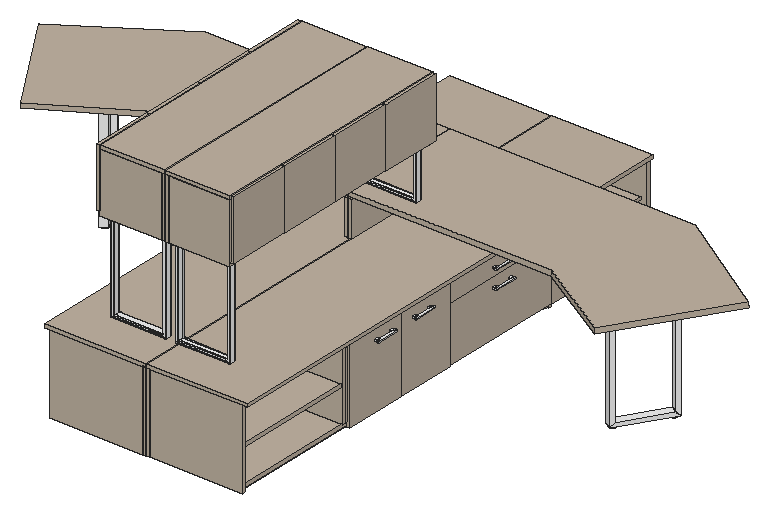
Revit family "VL003family", category Furniture, Revit 2015 (continued)
Definition of nested family "JSI-Vision-90_Bench_Configuration"
  Definition of nested family "Bar Pull"
    Forms (in)
      Extrusion 2, solid, material <- "Pull Finish"
        sketch origin (0, 0, 0) x (0, 1, 0) y (0, 0, 1)
          loop
            circle (-1, 0) r 0.25
        from -2.6873071 to 2.6873071
      Extrusion 3, solid, material <- "Pull Finish"
        sketch origin (0, 0, 0) x (0, 1, 0) y (0, 0, -1)
          loop
            line (0, 0.2014997) -> (-0.8520212, 0.2014997)
            arc (-0.8520212, 0.2014997) -> (-0.75, 0) -> (-0.8520212, -0.2014997) r 0.2499992
            line (-0.8520212, -0.2014997) -> (0, -0.2014997) -> (0, 0.2014997)
        from 1.8873079 to 2.6873071
    Dimensions and locks (in)
      plane 4 to plane 5 to plane 3 "Center Left/Right" to plane 7 to plane 6 = 0' - 0.8" locked, 0' - 1.88731" locked, 0' - 1.88731" locked, 0' - 0.8" locked
      plane 8 to plane 9 to plane 1 "Center Front/Back" = 0' - 0.14798" locked, 0' - 0.85202" locked
      aligned and locked: level to plane 2
      aligned and locked: plane 4 to Extrusion 3
      aligned and locked: Extrusion 3 to plane 5
      aligned and locked: plane 4 to Extrusion 2
      aligned and locked: Extrusion 1 to plane 7
      aligned and locked: plane 6 to Extrusion 1
      aligned and locked: plane 6 to Extrusion 2
      aligned and locked: plane 8 to Extrusion 2 sketch curve
      aligned and locked: Extrusion 3 to plane 1 "Center Front/Back"
      aligned and locked: Extrusion 1 to plane 1 "Center Front/Back"
      aligned and locked: plane 5 to Extrusion 3
      aligned and locked: Extrusion 3 to plane 4
      aligned and locked: Extrusion 2 to plane 4
      aligned and locked: plane 7 to Extrusion 1
      aligned and locked: Extrusion 1 to plane 6
      aligned and locked: Extrusion 2 to plane 6
  Definition of nested family "Label 1-16"
    Parameters
      Width = 0' - 1"
      Model Name = "DOOR"
    Reference planes (in)
      plane 1: y = 0
      plane 2: x = 0
    Text (in)
      label "XX" at (0.0005059, -0.1232411, 0), shows "Model Name"
Definition of nested family "JSI-Vision-OH_Cab-Split_H_Post"
  Parameters (values of type "Split H Post OH Cab - Type Catalog Family")
    Vetical Partition = yes
    Top = none
    Width = 4' - 6"
    Verticall Partition Distance = if(# of Doors > 3, Unit Centre, (if(# of Doors < 3, Unit Centre, (if(OHL, (Door Width + 0' 0 9/16"), ((Door Width * 2) + (0' 0 1/16")))))))  # 2' - 3"
    Unit Centre = Width / 2  # 2' - 3"
    URL = "www.jsifurniture.com"
    Type Comments = ""
    Tag = "4 Doors"
    Series = "VISION CASEGOODS"  # constant formula
    Support Leg = none
    Overhead Height = 1' - 10 13/16"
    OHL = no
    OH Elevation = 2' - 6"
    Model = "VL1654PSHD-2737"
    Material = ""
    Manufacturer = "JSI"  # constant formula
    Keynote = "12500"
    JSI Enviromental Website = "http://www.jsifurniture.com/jsi_sustainability_intro.php"
    Height = 3' - 1"
    Door Front = none
    Door Width = if(Width > 4' 5", ((Width - 0' 0 3/4") / # of Doors), (if(Width > 3' 5", ((Width - 0' 0 5/8") / # of Doors), ((Width - 0' 0 1/2") / # of Doors))))  # 1' - 1 5/16"
    Door Array Spacing = Door Width + 0' 0 1/8"  # 1' - 1 7/16"
    Description = "Laminate Split Height Post Support Overhead Cab. 16\" x 54\", 4 Doors"
    Depth = 1' - 4"
    Chassis = none
    Assembly Code = "E2020200"
    # of Doors = if(Width > 4' 5", 4, (if(Width > 3' 5", 3, (if(Width > 2' 6", 2, 2)))))  # 4
  Reference planes (in)
    plane 1 "Center Front/Back": y = 0
    plane 2: z = 0
    plane 3 "Center Left/Right": x = 0
    plane 4: z = 0
    plane 5: y = -0.125
    plane 6: x = 0.125
    plane 7: x = 54
    plane 8: x = 53.875
    plane 9: y = -16
    plane 10: y = -15.375
    plane 11: y = -15.5
    plane 12: y = -16.25
    plane 13: x = 0.875
    plane 14: x = 53.125
    plane 15: y = -0.875
    plane 16: x = 27
    plane 17: z = 67
    plane 18: z = 66.8125
    plane 19: z = 66.0625
    plane 20: z = 52.8125
    plane 21: z = 51.8125
    plane 22: z = 53.5625
    plane 23: z = 30
    plane 24: x = 0.1875
    plane 25: x = 53.8125
    plane 26: z = 52.6875
    plane 27: z = 52.625
    plane 28: x = 27.375
    plane 29: x = 26.625
    plane 30: x = 0.09375
    plane 31: y = -0.09375
    plane 32: y = -15.40625
    plane 33: x = 53.90625
    plane 34: y = -15.25
    plane 35: y = -14.5
    plane 36: x = 13.5625
    plane 37: x = 13.5
    plane 38: x = 13.625
    plane 39: x = 27
    plane 40: x = 1.75
    plane 41: y = -1.125
    plane 42: x = 4.25
    plane 43: y = -3.125
    plane 44: x = 52.25
    plane 45: x = 49.75
    plane 46: y = -15.3125
    plane 47: y = -14.125
    plane 48: y = -12.125
    plane 49: z = 40
  Forms (in)
    Extrusion 1, solid, material <- "Chassis"
      sketch origin (0, 0, 0) x (1, 0, 0) y (0, 1, 0)
        loop
          line (0.125, -0.875) -> (0.125, -15.375) -> (0.875, -15.375) -> (0.875, -0.875) -> (0.125, -0.875)
      from 51.8125 to 66.0625
    Extrusion 2, solid, material <- "Chassis"
      sketch origin (0, 0, 0) x (1, 0, 0) y (0, 1, 0)
        loop
          line (53.875, -0.875) -> (53.125, -0.875) -> (53.125, -15.375) -> (53.875, -15.375) -> (53.875, -0.875)
      from 51.8125 to 66.0625
    Extrusion 3, solid, material <- "Chassis"
      sketch origin (0, 0, 0) x (1, 0, 0) y (0, 1, 0)
        loop
          line (0.125, -0.125) -> (0.125, -0.875) -> (53.875, -0.875) -> (53.875, -0.125) -> (0.125, -0.125)
      from 51.8125 to 66.0625
    Extrusion 4, solid, material <- "Chassis", visible <- "Vetical Partition"
      sketch origin (0, 0, 0) x (1, 0, 0) y (0, 1, 0)
        loop
          line (26.625, -0.875) -> (26.625, -15.3125) -> (27.375, -15.3125) -> (27.375, -0.875) -> (26.625, -0.875)
      from 53.5625 to 66.0625
    Extrusion 5, solid, material <- "Chassis"
      sketch origin (0, 0, 0) x (0, 1, 0) y (0, 0, 1)
        loop
          line (-0.875, 53.5625) -> (-15.3125, 53.5625) -> (-15.3125, 52.8125) -> (-0.875, 52.8125) -> (-0.875, 53.5625)
      from 0.875 to 53.125
    Extrusion 6, solid, material <- "Top"
      sketch origin (0, 0, 0) x (0, 1, 0) y (0, 0, 1)
        loop
          line (-0.09375, 66.8125) -> (-15.40625, 66.8125) -> (-15.40625, 66.0625) -> (-0.09375, 66.0625) -> (-0.09375, 66.8125)
      from 0.09375 to 53.90625
    Extrusion 7, solid, material <- "Chassis"
      sketch origin (0, 0, 0) x (0, 1, 0) y (0, 0, 1)
        loop
          line (-14.5, 52.8125) -> (-15.25, 52.8125) -> (-15.25, 51.8125) -> (-14.5, 51.8125) -> (-14.5, 52.8125)
      from 0.875 to 53.125
    Extrusion 8, solid, material <- "Door Front"
      sketch origin (-4.5, 0, 0) x (1, 0, 0) y (0, 1, 0)
        loop
          line (4.6875, -15.5) -> (4.6875, -16.25) -> (18, -16.25) -> (18, -15.5) -> (4.6875, -15.5)
      from 52.6875 to 66.8125
    Extrusion 9, solid, material <- "Door Front"
      sketch origin (8.9375, 0, 0) x (1, 0, 0) y (0, 1, 0)
        loop
          line (4.6875, -15.5) -> (4.6875, -16.25) -> (18, -16.25) -> (18, -15.5) -> (4.6875, -15.5)
      from 52.6875 to 66.8125
    Extrusion 10, solid, material <- "Support Leg"
      sketch origin (0, 0, 0) x (1, 0, 0) y (0, 1, 0)
        loop
          line (1.75, -1.125) -> (1.75, -3.125) -> (4.25, -3.125) -> (4.25, -1.125) -> (1.75, -1.125)
        loop
          line (49.75, -1.125) -> (49.75, -3.125) -> (52.25, -3.125) -> (52.25, -1.125) -> (49.75, -1.125)
        loop
          line (49.75, -12.125) -> (49.75, -14.125) -> (52.25, -14.125) -> (52.25, -12.125) -> (49.75, -12.125)
        loop
          line (1.75, -12.125) -> (1.75, -14.125) -> (4.25, -14.125) -> (4.25, -12.125) -> (1.75, -12.125)
      from 52.625 to 52.8125
    Sweep 11, solid, material <- "Support Leg"
      path origin (1.75, 60, 48) x (0, 1, 0) y (0, 0, 1)
        loop
          line (-61.125, 4.625) -> (-61.125, -8) -> (-74.125, -8) -> (-74.125, 4.625)
      profile origin (1.75, -1.125, 46.3125) x (1, 0, 0) y (0, 1, 0)
        loop
          arc (0.125, 0) -> (0.0366117, -0.0366117) -> (0, -0.125) r 0.125
          line (0, -0.125) -> (0, -0.625)
          arc (0, -0.625) -> (0.0366117, -0.7133883) -> (0.125, -0.75) r 0.125
          line (0.125, -0.75) -> (1.375, -0.75)
          arc (1.375, -0.75) -> (1.4633883, -0.7133883) -> (1.5, -0.625) r 0.125
          line (1.5, -0.625) -> (1.5, -0.125)
          arc (1.5, -0.125) -> (1.4633883, -0.0366117) -> (1.375, 0) r 0.125
          line (1.375, 0) -> (0.125, 0)
    Sweep 12, solid, material <- "Support Leg"
      path origin (52.25, 60, 48) x (0, 1, 0) y (0, 0, 1)
        loop
          line (-61.125, 4.625) -> (-61.125, -18) -> (-74.125, -18) -> (-74.125, 4.625)
      profile origin (52.25, -14.125, 41.3125) x (0, -1, 0) y (1, 0, 0)
        loop
          arc (0, -0.125) -> (-0.0366117, -0.0366117) -> (-0.125, 0) r 0.125
          line (-0.125, 0) -> (-0.625, 0)
          arc (-0.625, 0) -> (-0.7133883, -0.0366117) -> (-0.75, -0.125) r 0.125
          line (-0.75, -0.125) -> (-0.75, -1.375)
          arc (-0.75, -1.375) -> (-0.7133883, -1.4633883) -> (-0.625, -1.5) r 0.125
          line (-0.625, -1.5) -> (-0.125, -1.5)
          arc (-0.125, -1.5) -> (-0.0366117, -1.4633883) -> (0, -1.375) r 0.125
          line (0, -1.375) -> (0, -0.125)
    Extrusion 13, solid, material <- "Door Front"
      sketch origin (22.375, 0, 0) x (1, 0, 0) y (0, 1, 0)
        loop
          line (4.6875, -15.5) -> (4.6875, -16.25) -> (18, -16.25) -> (18, -15.5) -> (4.6875, -15.5)
      from 52.6875 to 66.8125
    Extrusion 14, solid, material <- "Door Front"
      sketch origin (35.8125, 0, 0) x (1, 0, 0) y (0, 1, 0)
        loop
          line (4.6875, -15.5) -> (4.6875, -16.25) -> (18, -16.25) -> (18, -15.5) -> (4.6875, -15.5)
      from 52.6875 to 66.8125
  Lines and regions (in)
    symbolic lines
      curve 1: line (53.875, -0.125, 0) -> (0.125, -0.125, 0)
      curve 2: line (0.125, -0.125, 0) -> (0.125, -15.375, 0)
      curve 3: line (53.875, -0.125, 0) -> (53.875, -15.375, 0)
      curve 4: line (53.875, -15.375, 0) -> (0.125, -15.375, 0)
      curve 5: line (13.5, -15.5, 0) -> (0.1875, -15.5, 0)
      curve 6: line (0.1875, -15.5, 0) -> (0.1875, -16.25, 0)
      curve 7: line (0.1875, -16.25, 0) -> (13.5, -16.25, 0)
      curve 8: line (13.5, -16.25, 0) -> (13.5, -15.5, 0)
      curve 9: line (26.9375, -15.5, 0) -> (13.625, -15.5, 0)
      curve 10: line (13.625, -15.5, 0) -> (13.625, -16.25, 0)
      curve 11: line (13.625, -16.25, 0) -> (26.9375, -16.25, 0)
      curve 12: line (26.9375, -16.25, 0) -> (26.9375, -15.5, 0)
      curve 13: line (40.375, -15.5, 0) -> (27.0625, -15.5, 0)
      curve 14: line (27.0625, -15.5, 0) -> (27.0625, -16.25, 0)
      curve 15: line (27.0625, -16.25, 0) -> (40.375, -16.25, 0)
      curve 16: line (40.375, -16.25, 0) -> (40.375, -15.5, 0)
      curve 17: line (53.8125, -15.5, 0) -> (40.5, -15.5, 0)
      curve 18: line (40.5, -15.5, 0) -> (40.5, -16.25, 0)
      curve 19: line (40.5, -16.25, 0) -> (53.8125, -16.25, 0)
      curve 20: line (53.8125, -16.25, 0) -> (53.8125, -15.5, 0)
  Dimensions and locks (in)
    locked: plane 3 "Center Left/Right" to plane 6 at 0.125
    "Width": plane 3 "Center Left/Right" to plane 7
    locked: plane 8 to plane 7 at 0.125
    "Depth": plane 9 to plane 1 "Center Front/Back"
    locked: plane 9 to plane 10 at 0.625
    locked: plane 11 to plane 10 at 0.125
    locked: plane 12 to plane 11 at 0.75
    locked: plane 5 to plane 1 "Center Front/Back" at 0.125
    locked: plane 15 to plane 5 at 0.75
    locked: plane 6 to plane 13 at 0.75
    locked: plane 14 to plane 8 at 0.75
    "Unit Centre": plane 3 "Center Left/Right" to plane 16
    locked: plane 17 to plane 18 at 0.1875
    locked: plane 18 to plane 19 at 0.75
    plane 22 to plane 20 to plane 21 = 0' - 0 3/4" locked, 0' - 1" locked
    "Height": plane 17 to plane 23
    "OH Elevation": plane 23 to plane 4
    "Overhead Height": plane 20 to plane 23
    plane 21 to plane 23 = 1' - 9 13/16"
    locked: plane 6 to plane 24 at 0.0625
    locked: plane 25 to plane 8 at 0.0625
    locked: plane 20 to plane 27 at 0.1875
    locked: plane 30 to plane 6 at 0.03125
    locked: plane 8 to plane 33 at 0.03125
    locked: plane 5 to plane 31 at 0.03125
    locked: plane 32 to plane 10 at 0.03125
    plane 10 to plane 34 to plane 35 = 0' - 0 1/8" locked, 0' - 0 3/4" locked
    plane 37 to plane 36 to plane 38 = 0' - 0 1/16" locked, 0' - 0 1/16" locked
    "Door Width": Extrusion 8 sketch curve to Extrusion 8 sketch curve
    "Door Width": Extrusion 9 sketch curve to Extrusion 9 sketch curve
    equal spacing: group 1, group 2, group 3, group 4  (x3)
    "Door Width": plane 24 to plane 37
    "Door Array Spacing": Extrusion 8 to Extrusion 9
    locked: plane 20 to plane 26 at 0.125
    plane 29 to plane 39 to plane 28 = 0' - 0 3/8" locked, 0' - 0 3/8" locked
    "Verticall Partition Distance": plane 3 "Center Left/Right" to plane 39
    plane 6 to plane 40 to plane 42 = 0' - 1 5/8" locked, 0' - 2 1/2" locked
    plane 43 to plane 41 to plane 5 = 0' - 2" locked, 0' - 1" locked
    plane 45 to plane 44 to plane 8 = 0' - 2 1/2" locked, 0' - 1 5/8" locked
    locked: plane 10 to plane 46 at 0.0625
    plane 10 to plane 47 to plane 48 = 0' - 1 1/4" locked, 0' - 2" locked
    locked: Sweep 11 sketch curve to Sweep 11 sketch curve at 0.75
    locked: Sweep 11 sketch curve to Sweep 11 sketch curve at 1.5
    locked: Sweep 12 sketch curve to Sweep 12 sketch curve at 1.5
    locked: Sweep 12 sketch curve to Sweep 12 sketch curve at 0.75
    locked: plane 49 to plane 23 at 10
    "Door Width": Extrusion 13 sketch curve to Extrusion 13 sketch curve
    "Door Width": Extrusion 14 sketch curve to Extrusion 14 sketch curve
    aligned and locked: level to plane 2
    aligned and locked: plane 6 to Extrusion 1 sketch curve
    aligned and locked: Extrusion 1 sketch curve to plane 10
    aligned and locked: Extrusion 1 sketch curve to plane 13
    aligned and locked: plane 8 to Extrusion 2 sketch curve
    aligned and locked: plane 10 to Extrusion 2 sketch curve
    aligned and locked: Extrusion 2 sketch curve to plane 14
    aligned and locked: plane 15 to Extrusion 1 sketch curve
    aligned and locked: Extrusion 2 sketch curve to plane 15
    aligned and locked: plane 5 to Extrusion 3 sketch curve
    aligned and locked: plane 6 to Extrusion 3 sketch curve
    aligned and locked: Extrusion 3 sketch curve to Extrusion 2  (x2)
    aligned and locked: plane 15 to Extrusion 4 sketch curve
    aligned and locked: plane 29 to Extrusion 4 sketch curve
    aligned and locked: Extrusion 4 sketch curve to plane 28
    aligned and locked: plane 19 to Extrusion 1
    aligned and locked: Extrusion 1 to plane 21
    aligned and locked: plane 19 to Extrusion 2
    aligned and locked: Extrusion 2 to plane 21
    aligned and locked: plane 19 to Extrusion 4
    aligned and locked: plane 19 to Extrusion 3
    aligned and locked: Extrusion 3 to plane 21
    aligned and locked: plane 22 to Extrusion 5 sketch curve
    aligned and locked: Extrusion 5 sketch curve to plane 15
    aligned and locked: Extrusion 5 sketch curve to plane 20
    aligned and locked: Extrusion 5 to plane 13
    aligned and locked: plane 14 to Extrusion 5
    aligned and locked: Extrusion 4 to plane 22
    aligned and locked: plane 18 to Extrusion 6 sketch curve
    aligned and locked: Extrusion 6 sketch curve to plane 31
    aligned and locked: plane 32 to Extrusion 6 sketch curve
    aligned and locked: plane 19 to Extrusion 6 sketch curve
    aligned and locked: Extrusion 6 to plane 30
    aligned and locked: plane 33 to Extrusion 6
    aligned and locked: plane 35 to Extrusion 7 sketch curve
    aligned and locked: Extrusion 7 sketch curve to plane 34
    aligned and locked: plane 21 to Extrusion 7 sketch curve
    aligned and locked: Extrusion 7 sketch curve to plane 20
    aligned and locked: Extrusion 7 to plane 13
    aligned and locked: plane 14 to Extrusion 7
    aligned and locked: Extrusion 8 to plane 24
    aligned and locked: plane 18 to Extrusion 8
    aligned and locked: Extrusion 8 to plane 26
    aligned and locked: plane 18 to Extrusion 9
    aligned and locked: Extrusion 9 to plane 26
    aligned and locked: Extrusion 8 to plane 18
    aligned and locked: plane 26 to Extrusion 8  (x2)
    aligned and locked: Extrusion 9 to plane 18  (x2)
    aligned and locked: plane 26 to Extrusion 9  (x2)
    aligned and locked: plane 18 to Extrusion 6
    aligned and locked: Extrusion 5 sketch curve to plane 46
    aligned and locked: Extrusion 4 sketch curve to plane 46
    aligned and locked: plane 41 to Extrusion 10 sketch curve  (x2)
    aligned and locked: plane 40 to Extrusion 10 sketch curve  (x2)
    aligned and locked: Extrusion 10 sketch curve to plane 43  (x2)
    aligned and locked: Extrusion 10 sketch curve to plane 42  (x2)
    aligned and locked: plane 45 to Extrusion 10 sketch curve  (x2)
    aligned and locked: Extrusion 10 sketch curve to plane 44  (x2)
    aligned and locked: plane 48 to Extrusion 10 sketch curve  (x2)
    aligned and locked: Extrusion 10 sketch curve to plane 47  (x2)
    aligned and locked: plane 20 to Extrusion 10
    aligned and locked: Extrusion 10 to plane 27
    aligned and locked: plane 41 to Sweep 11 sketch curve
    aligned and locked: plane 47 to Sweep 11 sketch curve
    aligned and locked: plane 27 to Sweep 11 sketch curve  (x2)
    aligned and locked: profile plane to Sweep 11 sketch curve  (x2)
    aligned and locked: Sweep 12 sketch curve to plane 47
    aligned and locked: Sweep 12 sketch curve to plane 41
    aligned and locked: Sweep 12 sketch curve to plane 23
    aligned and locked: plane 27 to Sweep 12 sketch curve  (x2)
    aligned and locked: profile plane to Sweep 12 sketch curve
    aligned and locked: Sweep 12 sketch curve to profile plane
    aligned and locked: curve 1 to plane 5
    aligned and locked: curve 2 to plane 6
    aligned and locked: curve 3 to plane 8
    aligned and locked: curve 4 to plane 10
    aligned and locked: curve 5 to Extrusion 8
    aligned and locked: curve 6 to Extrusion 8
    aligned and locked: curve 7 to Extrusion 8
    aligned and locked: curve 8 to Extrusion 8
    aligned and locked: curve 9 to Extrusion 9
    aligned and locked: curve 10 to Extrusion 9
    aligned and locked: curve 11 to Extrusion 9
    aligned and locked: curve 12 to Extrusion 9
    aligned and locked: plane 16 to nested 1
    aligned and locked: plane 12 to nested 1
    aligned and locked: Sweep 11 sketch curve to plane 49
    aligned and locked: curve 13 to Extrusion 13
    aligned and locked: curve 14 to Extrusion 13
    aligned and locked: curve 15 to Extrusion 13
    aligned and locked: curve 16 to Extrusion 13
    aligned and locked: curve 17 to Extrusion 14
    aligned and locked: curve 18 to Extrusion 14
    aligned and locked: curve 19 to Extrusion 14
    aligned and locked: curve 20 to Extrusion 14
  Automatic sketch dimensions
    Extrusion 8 sketch curve to Extrusion 8 sketch curve = 0' - 0 3/4"
    Extrusion 9 sketch curve to Extrusion 9 sketch curve = 0' - 0 3/4"
    profile plane to Sweep 12 sketch curve = 0' - 0 1/8"  (x2)
    curve 6 to curve 6 = 0' - 0 3/4"
    curve 6 to curve 7 = 1' - 1 5/16"
    curve 10 to curve 10 = 0' - 0 3/4"
    curve 10 to curve 11 = 1' - 1 5/16"
    Extrusion 13 sketch curve to Extrusion 13 sketch curve = 0' - 0 3/4"
    curve 14 to curve 14 = 0' - 0 3/4"
    curve 14 to curve 15 = 1' - 1 5/16"
    plane 40 to Sweep 11 sketch curve = 0' - 0 1/8"  (x2)
    Sweep 11 sketch curve to Sweep 11 sketch curve = 0' - 0 1/8"  (x2)
    Sweep 12 sketch curve to Sweep 12 sketch curve = 0' - 0 1/8"  (x2)
    Extrusion 14 sketch curve to Extrusion 14 sketch curve = 0' - 0 3/4"
    curve 18 to curve 18 = 0' - 0 3/4"
    curve 18 to curve 19 = 1' - 1 5/16"
  Nested families (in)
    nested 1: "Label 1-16 OH" at (27, -16.25, 0), type "OH DOORS"
  Definition of nested family "Label 1-16 OH"
    Parameters
      Width = 0' - 1"
      Model Name = "XX"
    Reference planes (in)
      plane 1: y = 0
      plane 2: x = 0
    Text (in)
      label "XX" at (0.0005059, -0.1232411, 0), shows "Model Name"
